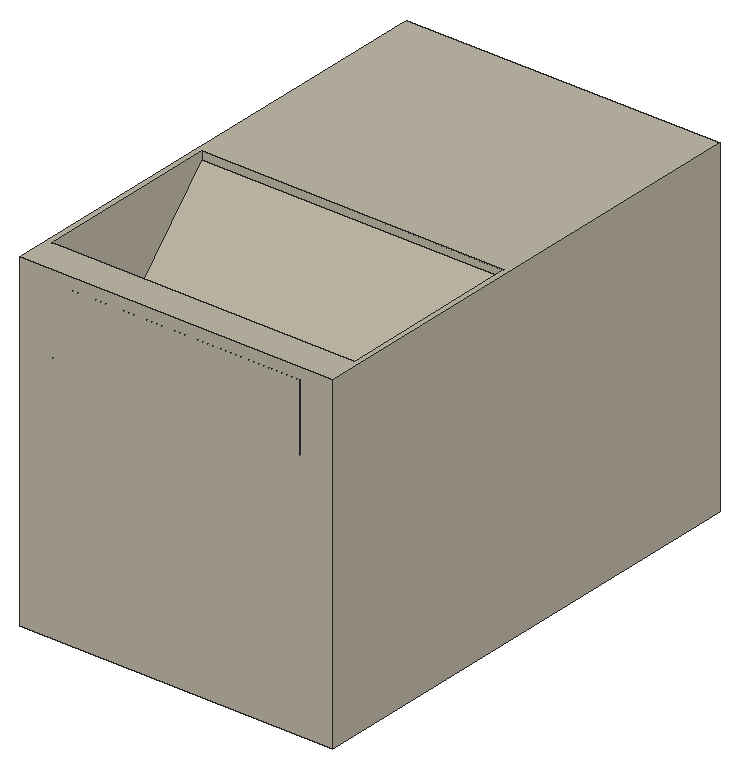
Revit family "V-Series_EWC4_SPVU_RFA_2015", category Generic Models, host Face, Revit 2019
Family settings
  Host = Face
  Can host rebar = No
  Round Connector Dimension = Use Diameter
  Part Type = Normal
  Cut with Voids When Loaded = No
  Shared = No
  Room Calculation Point = No
Parameters (values of type "1")
  intproject [instance] = if(Exterior Projection from Wall Surface > 0", 0", Interior Projection from Wall Surface)  # 0"
  extproject [instance] = if(Interior Projection from Wall Surface > 0", 0", Exterior Projection from Wall Surface)  # 0"
  Warranty Duration (Years) = 0
  Wall Thickness [instance] = 5"
  Voltage Range = "as Specified"
  Unit Width = 27 7/8"
  Unit Weight = 0
  Unit Height = 43 1/8"
  Unit Depth = 29 7/16"
  URL = "http://www.magic-pak.com/"
  Test Data = ""
  Temperature Rise Range = "as Specified"
  Supply Duct Size_W = 16"
  Supply Duct Size_H = 8"
  Standards Conformance = "as Specified"
  Specification = "http://www.arcat.com/sdspecs/htm/15700aae.htm"
  SpecWizard = ""
  Sound Pressure = "as Specified"
  Sleeve Finish [instance] = Metal - Allied Air - Neutral
  Single Circuit = yes
  Send Message = "http://www.arcat.com/users.pl?action=UserEmail&amp;company=Magic-Pak&amp;coid=46691&amp;rep=141&amp;fax=&amp;mf=95"
  Sales Information = "http://www.magic-pak.com/contact.php"
  Revision = "R1_05_2014"
  Return Duct Size_W = 22"
  Return Duct Size_H = 6"
  Refigerant Used = "R410A"
  Product Properties = ""
  Product Data = "http://www.arcat.com/arcatcos/cos9546/arc46691.html"
  Opening Width [instance] = 29"
  Opening Height [instance] = 45"
  Mounting Height [instance] = 12"
  Model = "as Specified"
  Manufacturer Website = "http://www.magic-pak.com/"
  Manufacturer Phone - Toll Free = "800-448-5872"
  Manufacturer Phone = ""
  Manufacturer Fax = ""
  Manufacturer Address = "215 Metropolitan Dr.  West Columbia, SC 29170"
  Manufacturer = "Allied Air Enterprises LLC"
  Maintenance Schedule (Months) = 0
  Keynote = "15700"
  Interior Projection from Wall Surface [instance] = 0"
  Installation-Fabrication = ""
  Installation Phase = ""
  Include Wall Sleeve [instance] = no
  HVAC_Cooling Capacity = 0.0 Btu/h
  HVAC_BTU Input = 0.0 Btu/h
  Green Building-LEED = ""
  Fuel Consumption = "as Specified"
  Fixture Mesh [instance] = Metal - Allied Air - Neutral Mesh
  Fixture Finish [instance] = Metal - Allied Air - Neutral
  Exterior Projection from Wall Surface [instance] = 0"
  Expected Lifespan (Years) = 0
  Electrical_Voltage = 0 V
  Electrical_Phase = 0
  Electrical_Frequency = 0 Hz
  Electrical_Amperage = 0 A
  Efficiency Ratings = "as Specified"
  Drawn By = "Sumex Design, Inc. / Robert S. Weygant, CSI, CDT, SCIP"
  Double Circuit = yes
  Description = "Magic-Pak Ducted Heating and Cooling Unit as Specified"
  Default Elevation = 0"
  Copyright = "©Arcat Inc."
  Construction Details = ""
  Building Codes = ""
  Assembly Code = ""
  Amperage_Circuit 2 = 0 A
  Amperage_Circuit 1 = 0 A
  Air Flow = 0 CFM
Reference planes (in)
  plane 1 "Center (Front/Back)": y = 0.8614
  plane 2: z = 0
  plane 3 "Center (Left/Right)": x = 0
  plane 4: y = -20.7011
  plane 5: y = 22.4239
  plane 6: x = -13.9375
  plane 7: x = 13.9375
  plane 8: z = 24.4375
  plane 9 "Surface": y = -33.6386
  plane 10: y = -21.6386
  plane 11: y = 23.3614
  plane 12: x = -14.5
  plane 13: x = 14.5
  plane 14 "Wall Surface": z = -5
  plane 15: z = -5
  plane 16: z = -5
  plane 17: y = -21.6386
  plane 18: y = 23.3614
Forms (in)
  Extrusion 1, solid, material "Metal - Allied Air - Neutral" <- "Sleeve Finish", visible <- "Include Wall Sleeve"
    sketch origin (-20.07249, -21.6386, 48) x (-1, 0, 0) y (0, 0, 1)
      loop
        line (-5.57249, -53) -> (-5.57249, -55) -> (-5.50999, -55) -> (-5.50999, -53.0625) -> (-3.57249, -53.0625) -> (-3.57249, -53) -> (-5.57249, -53)
      loop
        line (-34.57249, -53) -> (-36.57249, -53) -> (-36.57249, -53.0625) -> (-34.63499, -53.0625) -> (-34.63499, -55) -> (-34.57249, -55) -> (-34.57249, -53)
    from 6 to 39
  Extrusion 2, solid, material "Metal - Allied Air - Neutral" <- "Sleeve Finish", visible <- "Include Wall Sleeve"
    sketch origin (-23.8165, -180, -5) x (-1, 0, 0) y (0, -1, 0)
      loop
        line (-37.8165, -158.8614) -> (-37.8165, -202.8614) -> (-9.8165, -202.8614) -> (-9.8165, -158.8614) -> (-37.8165, -158.8614)
      loop
        line (-9.3165, -203.3614) -> (-9.3165, -158.3614) -> (-38.3165, -158.3614) -> (-38.3165, -203.3614) -> (-9.3165, -203.3614)
    from 0 to 12.5
  Extrusion 3, solid, material "Metal - Allied Air - Neutral" <- "Sleeve Finish", visible <- "Include Wall Sleeve"
    sketch origin (-23.8165, -180, -5) x (-1, 0, 0) y (0, -1, 0)
      loop
        line (-9.3165, -203.3614) -> (-9.3165, -202.8614) -> (-38.3165, -202.8614) -> (-38.3165, -203.3614) -> (-9.3165, -203.3614)
    from 0 to 16
  Extrusion 4, void
    sketch origin (0, 0, 0) x (1, 0, 0) y (0, 1, 0)
      loop
        line (-14.5, -21.6386) -> (14.5, -21.6386) -> (14.5, 23.3614) -> (-14.5, 23.3614) -> (-14.5, -21.6386)
    from -5 to 0
  Extrusion 5, solid, material "Metal - Allied Air - Neutral" <- "Fixture Finish"
    sketch origin (0, 0, 0) x (0, 1, 0) y (0, 0, 1)
      loop
        line (-20.7011, 3.41046) -> (-20.7011, -4) -> (22.4239, -4) -> (22.4239, 24.4375) -> (-1.03862, 24.4375) -> (-1.03862, 23.78373) -> (-20.7011, 3.41046)
    from -13.5 to 13.5
  Extrusion 6, solid, material "Metal - Allied Air - Neutral" <- "Fixture Finish"
    sketch origin (13.9375, 19.13326, 48) x (0, 1, 0) y (0, 0, 1)
      loop
        line (-39.83436, -23.5625) -> (-39.83436, -53) -> (3.29064, -53) -> (3.29064, -23.5625) -> (-39.83436, -23.5625)
    from -0.4375 to 0
  Extrusion 7, solid, material "Metal - Allied Air - Neutral" <- "Fixture Finish"
    sketch origin (-13.9375, 19.13326, 48) x (0, 1, 0) y (0, 0, 1)
      loop
        line (-39.83436, -23.5625) -> (-39.83436, -53) -> (3.29064, -53) -> (3.29064, -23.5625) -> (-39.83436, -23.5625)
    from 0.4375 to 0
  Extrusion 8, solid, material "Metal - Allied Air - Neutral" <- "Fixture Finish"
    sketch origin (0, 0, 0) x (0, 1, 0) y (0, 0, 1)
      loop
        line (-20.7011, 24.4375) -> (-20.7011, -5) -> (-19.7011, -5) -> (-19.7011, 24.1875) -> (-17.7011, 24.1875) -> (-17.7011, 24.4375) -> (-20.7011, 24.4375)
    from -13.9375 to 13.9375
  Extrusion 9, solid, material "Metal - Allied Air - Neutral" <- "Sleeve Finish", visible <- "Include Wall Sleeve"
    sketch origin (0, 0, 0) x (0, 1, 0) y (0, 0, 1)
      loop
        line (23.3614, -5) -> (23.3614, -7) -> (23.4239, -7) -> (23.4239, -5.0625) -> (25.3614, -5.0625) -> (25.3614, -5) -> (23.3614, -5)
    from 14.5 to -14.5
  Extrusion 10, solid, material "Metal - Allied Air - Neutral" <- "Fixture Finish"
    sketch origin (-23.8165, -180, -5) x (-1, 0, 0) y (0, -1, 0)
      loop
        line (-13.11337, -180.8614) -> (-13.61337, -180.8614) -> (-13.61337, -202.4239) -> (-13.11337, -202.4239) -> (-13.11337, -180.8614)
      loop
        line (-16.59775, -180.8614) -> (-17.09775, -180.8614) -> (-17.09775, -202.4239) -> (-16.59775, -202.4239) -> (-16.59775, -180.8614)
      loop
        line (-20.08212, -180.8614) -> (-20.58212, -180.8614) -> (-20.58212, -202.4239) -> (-20.08212, -202.4239) -> (-20.08212, -180.8614)
      loop
        line (-23.5665, -180.8614) -> (-24.0665, -180.8614) -> (-24.0665, -202.4239) -> (-23.5665, -202.4239) -> (-23.5665, -180.8614)
      loop
        line (-27.05087, -180.8614) -> (-27.55087, -180.8614) -> (-27.55087, -202.4239) -> (-27.05087, -202.4239) -> (-27.05087, -180.8614)
      loop
        line (-30.53525, -180.8614) -> (-31.03525, -180.8614) -> (-31.03525, -202.4239) -> (-30.53525, -202.4239) -> (-30.53525, -180.8614)
      loop
        line (-34.01962, -180.8614) -> (-34.51962, -180.8614) -> (-34.51962, -202.4239) -> (-34.01962, -202.4239) -> (-34.01962, -180.8614)
    from 0 to 1
  Extrusion 11, solid, material "Metal - Allied Air - Neutral" <- "Fixture Finish"
    sketch origin (-23.8165, -180, -5) x (-1, 0, 0) y (0, -1, 0)
      loop
        line (-37.3165, -180.8614) -> (-10.3165, -180.8614) -> (-10.3165, -160.2989) -> (-37.3165, -160.2989) -> (-37.3165, -180.8614)
      loop
        line (-36.8165, -180.3614) -> (-10.8165, -180.3614) -> (-10.8165, -160.7989) -> (-36.8165, -160.7989) -> (-36.8165, -180.3614)
    from 0 to 1
  Extrusion 12, solid, material "Metal - Allied Air - Neutral Mesh" <- "Fixture Mesh"
    sketch origin (-23.8165, -180, -5) x (-1, 0, 0) y (0, -1, 0)
      loop
        line (-10.8165, -160.7989) -> (-36.8165, -160.7989) -> (-36.8165, -180.3614) -> (-10.8165, -180.3614) -> (-10.8165, -160.7989)
    from 0.25 to 1
  Extrusion 13, solid, material "Metal - Allied Air - Neutral" <- "Fixture Finish"
    sketch origin (0, 0, 0) x (0, 1, 0) y (0, 0, 1)
      loop
        line (22.4239, -5) -> (22.4239, 24.4375) -> (21.9239, 24.4375) -> (21.9239, -5) -> (22.4239, -5)
    from -13.9375 to 13.9375
  Extrusion 14, solid, material "Metal - Allied Air - Neutral" <- "Fixture Finish"
    sketch origin (-11.83813, 22.4239, 48) x (-1, 0, 0) y (0, 0, 1)
      loop
        line (1.09937, -24.5625) -> (-14.90063, -24.5625) -> (-14.90063, -32.5625) -> (1.09937, -32.5625) -> (1.09937, -24.5625)
    from 0 to 1
  Extrusion 15, solid, material "Metal - Allied Air - Neutral" <- "Fixture Finish"
    sketch origin (-11.83813, -20.7011, 48) x (-1, 0, 0) y (0, 0, 1)
      loop
        line (-0.83813, -24.5625) -> (-22.83813, -24.5625) -> (-22.83813, -30.5625) -> (-0.83813, -30.5625) -> (-0.83813, -24.5625)
    from 0 to 1
Cuts and joins
  joined: Extrusion 2, Extrusion 3
  joined: Extrusion 5, Extrusion 6, Extrusion 7, Extrusion 8, Extrusion 10, Extrusion 13
Dimensions and locks (in)
  equal spacing: plane 5, plane 1 "Center (Front/Back)", plane 4
  "Unit Height": plane 5 to plane 4
  equal spacing: plane 6, plane 3 "Center (Left/Right)", plane 7
  "Unit Width": plane 6 to plane 7
  equal spacing: plane 11, plane 1 "Center (Front/Back)", plane 10
  "Opening Height": plane 11 to plane 10
  equal spacing: plane 12, plane 3 "Center (Left/Right)", plane 13
  "Opening Width": plane 12 to plane 13
  "Wall Thickness": level to plane 14 "Wall Surface"
  "Unit Depth": plane 8 to plane 15
  "extproject": plane 14 "Wall Surface" to plane 16
  "intproject": plane 15 to plane 16
  plane 3 "Center (Left/Right)" to Extrusion 1 sketch curve to Extrusion 1 sketch curve to Extrusion 1 sketch curve = 14 1/2" locked, 1/16" locked, 1 15/16" locked
  Extrusion 1 sketch curve to Extrusion 1 sketch curve to Extrusion 1 sketch curve to plane 3 "Center (Left/Right)" = 1 15/16" locked, 1/16" locked, 14 1/2" locked
  equal spacing: plane 17, plane 1 "Center (Front/Back)", plane 18
  plane 17 to plane 18 = 45"
  "Mounting Height": plane 10 to plane 9 "Surface"
  Extrusion 2 sketch curve to Extrusion 2 sketch curve to plane 3 "Center (Left/Right)" to Extrusion 2 sketch curve to Extrusion 2 sketch curve = 1/2" locked, 14" locked, 14" locked, 1/2" locked
  locked: Extrusion 2 sketch curve to plane 18 at 0.5
  locked: Extrusion 2 sketch curve to plane 17 at 0.5
  Extrusion 3 sketch curve to plane 3 "Center (Left/Right)" to Extrusion 3 sketch curve = 14 1/2" locked, 14 1/2" locked
  locked: Extrusion 3 sketch curve to plane 18 at 0.5
  plane 14 "Wall Surface" to Extrusion 1 sketch curve to Extrusion 1 sketch curve = 1/16" locked, 1 15/16" locked  (x2)
  plane 18 to Extrusion 9 sketch curve to Extrusion 9 sketch curve = 1/16" locked, 1 15/16" locked
  plane 14 "Wall Surface" to Extrusion 9 sketch curve to Extrusion 9 sketch curve = 1/16" locked, 1 15/16" locked
  locked: Extrusion 5 sketch curve to plane 16 at 1
  locked: Extrusion 11 sketch curve to plane 1 "Center (Front/Back)" at 0.5
  locked: Extrusion 11 sketch curve to plane 4 at 1.5
  locked: Extrusion 11 sketch curve to plane 4 at 1
  Extrusion 11 sketch curve to Extrusion 11 sketch curve to plane 3 "Center (Left/Right)" to Extrusion 11 sketch curve to Extrusion 11 sketch curve = 1/2" locked, 13" locked, 13" locked, 1/2" locked
  locked: Extrusion 12 sketch curve to plane 1 "Center (Front/Back)" at 0.5
  locked: Extrusion 12 sketch curve to plane 4 at 1.5
  Extrusion 12 sketch curve to plane 3 "Center (Left/Right)" to Extrusion 12 sketch curve = 13" locked, 13" locked
  locked: Extrusion 13 sketch curve to plane 5 at 0.5
  Extrusion 14 sketch curve to Extrusion 14 sketch curve to plane 6 = 16" locked, 1" locked
  plane 8 to Extrusion 14 sketch curve to Extrusion 14 sketch curve = 1" locked, 8" locked
  plane 8 to Extrusion 15 sketch curve to Extrusion 15 sketch curve = 1" locked, 6" locked
  Extrusion 15 sketch curve to plane 3 "Center (Left/Right)" to Extrusion 15 sketch curve = 11" locked, 11" locked
  aligned and locked: plane 2 to host face
  aligned and locked: level to host face
  aligned and locked: plane 18 to Extrusion 2 sketch curve
  aligned and locked: Extrusion 2 sketch curve to plane 17
  aligned and locked: Extrusion 3 sketch curve to plane 18
  aligned and locked: Extrusion 4 sketch curve to plane 13
  aligned and locked: Extrusion 4 sketch curve to plane 12
  aligned and locked: plane 11 to Extrusion 4 sketch curve
  aligned and locked: Extrusion 4 sketch curve to plane 10
  aligned and locked: Extrusion 4 to plane 14 "Wall Surface"
  aligned and locked: level to Extrusion 4
  aligned and locked: plane 7 to Extrusion 6
  aligned and locked: plane 7 to Extrusion 8
  aligned and locked: Extrusion 8 to plane 6
  aligned and locked: plane 1 "Center (Front/Back)" to Extrusion 10 sketch curve  (x7)
  aligned and locked: Extrusion 10 sketch curve to plane 5  (x7)
  aligned and locked: Extrusion 11 sketch curve to plane 1 "Center (Front/Back)"
  aligned and locked: plane 7 to Extrusion 13
  aligned and locked: Extrusion 13 to plane 6
Automatic sketch dimensions
  host sketch curve to host sketch curve = 96"  (x2)
  Extrusion 1 sketch curve to plane 14 "Wall Surface" = 0"  (x2)
  Extrusion 6 sketch curve to plane 4 = 0"
  Extrusion 6 sketch curve to plane 5 = 0"
  Extrusion 6 sketch curve to plane 15 = 0"
  Extrusion 6 sketch curve to plane 8 = 0"
  Extrusion 7 sketch curve to plane 4 = 0"
  Extrusion 7 sketch curve to plane 5 = 0"
  Extrusion 7 sketch curve to plane 15 = 0"
  Extrusion 7 sketch curve to plane 8 = 0"
  Extrusion 9 sketch curve to plane 11 = 0"
  Extrusion 9 sketch curve to plane 14 "Wall Surface" = 0"
  Extrusion 10 sketch curve to plane 7 = 3 15/64"
  Extrusion 10 sketch curve to Extrusion 10 sketch curve = 1/2"  (x6)
  Extrusion 10 sketch curve to Extrusion 10 sketch curve = 2 63/64"  (x5)
  plane 3 "Center (Left/Right)" to Extrusion 10 sketch curve = 1/4"
  Extrusion 10 sketch curve to plane 3 "Center (Left/Right)" = 1/4"
  Extrusion 13 sketch curve to plane 15 = 0"
  Extrusion 13 sketch curve to plane 8 = 0"
  Extrusion 13 sketch curve to plane 5 = 0"
  Extrusion 5 sketch curve to plane 4 = 0"
  Extrusion 5 sketch curve to plane 5 = 0"
  plane 1 "Center (Front/Back)" to Extrusion 5 sketch curve = 1.90002"
  Extrusion 5 sketch curve to plane 8 = 0.65377"
  level to Extrusion 5 sketch curve = 3.41046"
  Extrusion 5 sketch curve to plane 8 = 0"
  Extrusion 8 sketch curve to plane 4 = 0"
  Extrusion 8 sketch curve to plane 15 = 0"
  Extrusion 8 sketch curve to plane 8 = 1/4"
  plane 4 to Extrusion 8 sketch curve = 1"
  Extrusion 8 sketch curve to Extrusion 8 sketch curve = 2"
  Extrusion 8 sketch curve to plane 8 = 0"
Connectors (in)
  hvac at (-4.9375, 23.4239, 19.4375), driven by "Supply Duct Size_H", driven by "Supply Duct Size_W"
    settings: on Extrusion 14, index 1, duct flow 0 CFM, flow factor 0, pres drop 0.00 in-wg, loss coef 0, conn angle 0.00°, conn width 16", conn height 8", conn diameter 24", duct sys type 1, conn prof type 1, flow config 0, flow direction 2, loss method 0, conn ref index -1, conn util no, is conn primary yes, conn desc ""
  electrical at (0, 22.4239, 9.71875), driven by "Electrical_Voltage"
    settings: on cut or joined group of Extrusion 5, Extrusion 6, Extrusion 7, Extrusion 8, Extrusion 10, Extrusion 13, index 2, voltage 0 V, apparent load 0 VA, apparent load phase1 0 VA, apparent load phase2 0 VA, apparent load phase3 0 VA, power factor 1, load classification "Other", number of poles 1, system type 31, power factor state 1, is connector primary yes, connector utility no, sub classification motor no, connector description ""
  hvac at (0, -20.7011, 20.4375), driven by "Return Duct Size_H", driven by "Return Duct Size_W"
    settings: on Extrusion 15, index 3, duct flow 0 CFM, flow factor 0, pres drop 0.00 in-wg, loss coef 0, conn angle 0.00°, conn width 22", conn height 6", conn diameter 24", duct sys type 2, conn prof type 1, flow config 0, flow direction 1, loss method 0, conn ref index -1, conn util no, is conn primary no, conn desc ""
